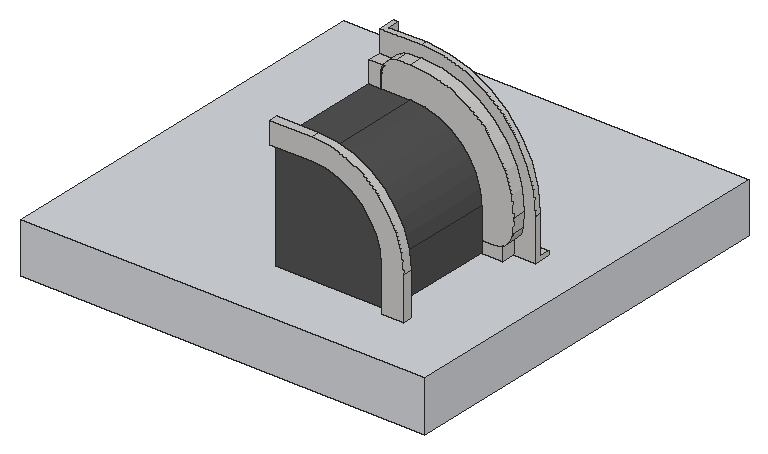
Revit family
Parameters
  Waste Connection = yes
  Vent Connection = no
  VP- Vinylclad Housing Color (Black or Gray or White) = yes
  URL = "http://www.acorneng.com"
  Type Comments = ""
  TT- Top Supply; Vent Thru-Fixture = no
  TS- Single-Fold Paper Towel Dispenser = no
  TO- Top Supply; Vent Off-Drain = no
  TM- C or Multi-Fold Paper Towel Dispenser = no
  ST- Single Temperature Valve = no
  SPX- 16 Gage Stainless Steel Housing = no
  SO-BAT- Sensor Operation (Battery) = no
  SO- Sensor Operated = no
  SC- Supply/Vent Cover (Specify Ceiling Height) = no
  PDM- Metering Liquid Soap Dispenser (Not available with -BT, -PCB, -SC, -TM, -TO, -TS, -TT) = no
  PCB- Pipe Column Brace (Pipe by others) = no
  PBE- Pushbutton Electronic Metering = no
  Model = "3563-2-F-DV-VP"
  Manufacturer = "Acorn Engineering"
  JH32- 32" Junior Rim Height = no
  JH30- 30" Junior Rim Height = no
  JH26- 26" Junior Rim Height (Standard) = no
  HW Connection = no
  HB- Hose Bibb, Specify; Left or Right = no
  H- Hand Operation = no
  F-Foot Operation = yes
  EG-Enviro-Glaze Color Specify = no
  Designed By = "ATS BIM TEAM"
  Description = "Corner Models- 2 or 3 Stations"
  Default Elevation = 34"
  DV- Liquid/ Lotion Soap Dispenser = yes
  DP- Metering Powder Soap Dispenser = no
  CW Connection = no
  CS- Compact Sprayhead- 9" Diameter x 4" High ( Not available with -DP or -DV) = no
  BT- Bottom Supply; Vent Thru-Fixture = no
  BO-Bottom Supply; Vent Off Drain = no
  Assembly Code = ""
  3563- On-Floor, Corner, Three Station = no
  3562-On-Floor, Corner, Two Station = no
  3- On Floor, Floor Outlet = no
  2- On Floor, Wall Outlet = yes
Reference planes (in)
  plane 1 "Center (Front/Back)": y = 0
  plane 2: z = 0
  plane 3 "Center (Left/Right)": x = 0
  plane 4: y = -34
  plane 5: y = -4.5
  plane 6: y = 10
  plane 7: y = -12.25
  plane 8: z = 14.25
  plane 9: x = 14.25
Forms (in)
  Extrusion 1, solid
    sketch origin (0, 0, 0) x (1, 0, 0) y (0, 1, 0)
      loop
        line (-48, 48) -> (-48, -48) -> (48, -48) -> (48, 48) -> (-48, 48)
    from 0 to -12
  Extrusion 2, solid, material "Stainless Steel"
    sketch origin (-58.04546, -1.3125, -60.68826) x (1, 0, 0) y (0, 0, -1)
      loop
        line (59.04546, -97.68826) -> (68.04546, -97.68826)
        arc (68.04546, -97.68826) -> (87.13734, -89.78014) -> (95.04546, -70.68826) r 27
        line (95.04546, -70.68826) -> (95.04546, -61.68826) -> (59.04546, -61.68826) -> (59.04546, -97.68826)
    from 0 to 1.3125
  Extrusion 3, solid, material "Stainless Steel"
    sketch origin (-58.04546, -4.5, -60.68826) x (1, 0, 0) y (0, 0, -1)
      loop
        arc (60.79546, -90.3326) -> (61.86833, -93.21187) -> (64.56372, -94.68701) r 4.4
        arc (64.56372, -94.68701) -> (66.30006, -94.87537) -> (68.04546, -94.93826) r 24.25
        arc (68.04546, -94.93826) -> (85.1928, -87.8356) -> (92.29546, -70.68826) r 24.25
        arc (92.29546, -70.68826) -> (92.23257, -68.94287) -> (92.04421, -67.20652) r 24.25
        arc (92.04421, -67.20652) -> (90.56906, -64.51113) -> (87.6898, -63.43826) r 4.4
        line (87.6898, -63.43826) -> (60.79546, -63.43826) -> (60.79546, -90.3326)
    from 0 to 3.1875
  Extrusion 4, solid, material "Stainless Steel"
    sketch origin (-58.04546, -1.3125, -60.68826) x (1, 0, 0) y (0, 0, -1)
      loop
        line (59.04546, -97.68826) -> (59.04546, -61.68826) -> (95.04546, -61.68826) -> (95.04546, -60.68826) -> (58.04546, -60.68826) -> (58.04546, -97.68826) -> (59.04546, -97.68826)
    from 0 to 4
  Extrusion 5, solid, material "Black"
    sketch origin (-58.04546, -32.23438, -60.68826) x (1, 0, 0) y (0, 0, -1)
      loop
        line (58.04546, -60.68826) -> (58.04546, -87.31326) -> (68.04546, -87.31326)
        arc (68.04546, -87.31326) -> (79.80111, -82.44391) -> (84.67046, -70.68826) r 16.625
        line (84.67046, -70.68826) -> (84.67046, -60.68826) -> (58.04546, -60.68826)
    from 0 to 27.73438
  Extrusion 6, void
    sketch origin (-58.04546, -1.3125, -60.68826) x (1, 0, 0) y (0, 0, -1)
      loop
        line (60.92046, -63.5316) -> (60.92046, -90.37393)
        arc (60.92046, -90.37393) -> (61.20021, -91.74893) -> (61.99497, -92.90532) r 3.51904
        arc (61.99497, -92.90532) -> (62.86573, -93.62312) -> (63.83806, -94.19587) r 7.19151
        arc (63.83806, -94.19587) -> (64.4115, -94.41778) -> (65.01411, -94.54002) r 3.64058
        arc (65.01411, -94.54002) -> (68.52118, -94.68158) -> (72.00984, -94.29573) r 23.34427
        arc (72.00984, -94.29573) -> (74.7968, -93.59299) -> (77.47628, -92.55309) r 23.34427
        arc (77.47628, -92.55309) -> (83.41527, -88.71535) -> (88.04221, -83.36826) r 25.00107
        arc (88.04221, -83.36826) -> (90.29097, -78.96788) -> (91.63028, -74.21115) r 25.00107
        arc (91.63028, -74.21115) -> (91.97112, -70.33615) -> (91.63028, -66.46115) r 22.19785
        arc (91.63028, -66.46115) -> (90.28399, -64.35229) -> (87.92046, -63.5316) r 3.81373
        line (87.92046, -63.5316) -> (60.92046, -63.5316)
    from -3.0161 to 4
  Revolve 7, solid, material "Stainless Steel"
    sketch origin (-168.07815, 116.6701, 9.97585) x (1, 0, 0) y (0, 1, 0)
      loop
        line (178.05446, -106.72256) -> (178.05446, -121.73429) -> (180.57376, -121.73429) -> (180.57376, -113.1658) -> (180.5416, -113.1658)
        arc (180.5416, -113.1658) -> (180.63125, -112.65734) -> (180.97673, -112.27364) r 0.93657
        arc (180.97673, -112.27364) -> (181.02884, -112.22333) -> (181.05597, -112.15617) r 0.17419
        arc (181.05597, -112.15617) -> (181.15779, -112.03483) -> (181.31378, -112.06234) r 0.1584
        arc (181.31378, -112.06234) -> (181.36644, -112.09274) -> (181.42633, -112.1033) r 0.1751
        line (181.42633, -112.1033) -> (183.78393, -112.1033)
        arc (183.78393, -112.1033) -> (183.84379, -112.09275) -> (183.89642, -112.06236) r 0.175
        line (183.89642, -112.06236) -> (185.61695, -110.34183)
        arc (185.61695, -110.34183) -> (185.66306, -110.28173) -> (185.67946, -110.20777) r 0.175
        line (185.67946, -110.20777) -> (185.67946, -107.4158) -> (185.74671, -107.4158) -> (185.74671, -107.00898)
        arc (185.74671, -107.00898) -> (185.70001, -106.89623) -> (185.58725, -106.84953) r 0.15946
        line (185.58725, -106.84953) -> (185.01987, -106.83477)
        arc (185.01987, -106.83477) -> (184.98495, -106.82687) -> (184.9557, -106.8062) r 0.09173
        line (184.9557, -106.8062) -> (184.84937, -106.6701)
        arc (184.84937, -106.6701) -> (184.81742, -106.64376) -> (184.777, -106.6348) r 0.08868
        line (184.777, -106.6348) -> (181.76938, -106.6873)
        arc (181.76938, -106.6873) -> (181.72799, -106.6985) -> (181.69556, -106.72655) r 0.09637
        arc (181.69556, -106.72655) -> (181.67924, -106.74162) -> (181.65762, -106.74672) r 0.04375
        line (181.65762, -106.74672) -> (180.67373, -106.72256) -> (178.05446, -106.72256)
      axis (178.05446, -121.73429) -> (178.05446, -106.6348)
    angle from 0 to 360
  Extrusion 8, solid, material "Stainless Steel"
    sketch origin (-58.04546, -34, -60.68826) x (1, 0, 0) y (0, 0, -1)
      loop
        line (58.04546, -87.31326) -> (58.04546, -92.43826) -> (68.04546, -92.43826)
        arc (68.04546, -92.43826) -> (83.42503, -86.06783) -> (89.79546, -70.68826) r 21.75
        line (89.79546, -70.68826) -> (89.79546, -60.68826) -> (84.67046, -60.68826) -> (84.67046, -70.68826)
        arc (84.67046, -70.68826) -> (79.80111, -82.44391) -> (68.04546, -87.31326) r 16.625
        line (68.04546, -87.31326) -> (58.04546, -87.31326)
    from 0 to 2.125
  Revolve 9, solid, material "Stainless Steel"
    sketch origin (4.95454, -0.95313, -60.68826) x (0, 0, -1) y (0, 1, 0)
      loop
        line (-89.87576, -30.92188) -> (-89.87576, -30.20312) -> (-90.87576, -30.20312) -> (-90.87576, -30.45312) -> (-91.97884, -30.45312)
        arc (-91.97884, -30.45312) -> (-91.9689, -30.69665) -> (-91.87576, -30.92188) r 0.69734
        line (-91.87576, -30.92188) -> (-89.87576, -30.92188)
      axis (-89.87576, -30.92188) -> (-89.87576, -30.20312)
    angle from 0 to 360
  Revolve 10, solid, material "Stainless Steel"
    sketch origin (24.68809, -0.95313, -67.87068) x (0, 0, -1) y (0, 1, 0)
      loop
        line (-89.87576, -30.92188) -> (-89.87576, -30.20312) -> (-90.87576, -30.20312) -> (-90.87576, -30.45312) -> (-91.97884, -30.45312)
        arc (-91.97884, -30.45312) -> (-91.9689, -30.69665) -> (-91.87576, -30.92188) r 0.69734
        line (-91.87576, -30.92188) -> (-89.87576, -30.92188)
      axis (-89.87576, -30.92188) -> (-89.87576, -30.20312)
    angle from 0 to 360
  Revolve 11, solid, material "Stainless Steel"
    sketch origin (29.22624, -0.95312, -85.49031) x (0, 0, -1) y (0, 1, 0)
      loop
        line (-89.87576, -30.92188) -> (-89.87576, -30.20312) -> (-90.87576, -30.20312) -> (-90.87576, -30.45312) -> (-91.97884, -30.45312)
        arc (-91.97884, -30.45312) -> (-91.9689, -30.69665) -> (-91.87576, -30.92188) r 0.69734
        line (-91.87576, -30.92188) -> (-89.87576, -30.92188)
      axis (-89.87576, -30.92188) -> (-89.87576, -30.20312)
    angle from 0 to 360
  Extrusion 12, solid, material "Stainless Steel"
    sketch origin (0, 0, 0) x (1, 0, 0) y (0, 0, 1)
      loop
        arc (31.75, 3.28656) -> (30.73081, 2.88625) -> (29.64434, 2.75) r 4.4
        line (29.64434, 2.75) -> (2.75, 2.75) -> (2.75, 29.54546)
        arc (2.75, 29.54546) -> (2.88607, 30.67991) -> (3.28656, 31.75) r 4.79713
        line (3.28656, 31.75) -> (0, 31.75) -> (0, 0) -> (31.75, 0) -> (31.75, 3.28656)
    from 0 to 4.5
  Extrusion 13, solid
    sketch origin (0, 0, 0) x (1, 0, 0) y (0, 0, 1)
      loop
        circle (14.25, 14.25) r 0.75
    from 4.5 to 12.25
  Extrusion 14, solid
    sketch origin (0, 8.90922, 35.70078) x (1, 0, 0) y (0, -0.707107, -0.707107)
      loop
        circle (9.97631, 15.81781) r 0.5
    from 10.09307 to 11.09307
  Extrusion 15, solid
    sketch origin (21.0265, 8.90922, 35.23047) x (0.707107, 0, -0.707107) y (-0.5, -0.707107, -0.5)
      loop
        circle (9.97631, 15.81781) r 0.5
    from 10.09307 to 11.09307
  Extrusion 16, solid
    sketch origin (35.56191, 8.90922, 20.02992) x (0, 0, -1) y (-0.707107, -0.707107, 0)
      loop
        circle (9.97631, 15.81781) r 0.5
    from 10.09307 to 11.09307
Cuts and joins
  Extrusion 6 cuts Extrusion 2
  Extrusion 6 cuts Extrusion 3
  Extrusion 6 cuts Extrusion 4
  joined: Extrusion 2, Extrusion 3, Extrusion 4, Revolve 7
  Extrusion 6 cuts Extrusion 5
Dimensions and locks (in)
  plane 4 to plane 1 "Center (Front/Back)" = 34"
  plane 5 to plane 4 = 29 1/2"  (x3)
  plane 6 to plane 4 = 44"  (x2)
  cut or joined group of Extrusion 2, Extrusion 3, Extrusion 4, Extrusion 6, Revolve 7 to plane 3 "Center (Left/Right)" = 37"
  plane 1 "Center (Front/Back)" to plane 4 = 34"
  locked: plane 4 to plane 7 at 21.75
  locked: level to plane 8 at 14.25
  locked: plane 9 to plane 3 "Center (Left/Right)" at 14.25
  aligned and locked: plane 2 to Extrusion 1
  aligned and locked: level to Extrusion 1
  aligned and locked: Extrusion 13 to plane 7
  aligned and locked: Extrusion 13 to cut or joined group of Extrusion 2, Extrusion 3, Extrusion 4, Extrusion 6, Revolve 7
  aligned and locked: Extrusion 12 to level
Nested families (in)
  nested 1: "-DV Lotion Soap Dispenser" at (11.6012, 4.5668, 14.5852) x (0.9999, 0, -0.0154) z (0, -1, 0), type "-DV Lotion Soap Dispenser"
  nested 2: "-DV Lotion Soap Dispenser" at (14.4981, 4.5668, 8.31235) x (-0.0154, 0, -0.9999) z (0, -1, 0), type "-DV Lotion Soap Dispenser"
Connectors (in)
  piping at (14.25, -12.25, 14.25)
    settings: on Extrusion 13, index 1
Definition of nested family "-DV Lotion Soap Dispenser"
  Parameters (values of type "-DV Lotion Soap Dispenser")
    Default Elevation = 48"
    Assembly Code = ""
  Reference planes (in)
    plane 1 "Center (Front/Back)": y = 0
    plane 2: z = 0
    plane 3 "Center (Left/Right)": x = 0
  Forms (in)
    Extrusion 1, solid
      sketch origin (0, 0, 0) x (1, 0, 0) y (0, 1, 0)
        loop
          line (-48, 48) -> (-48, -48) -> (48, -48) -> (48, 48) -> (-48, 48)
      from 0 to -12
    Revolve 2, solid, material "Default"
      sketch origin (0, 0, 0) x (1, 0, 0) y (0, 0, 1)
        loop
          line (0.375, 2.7) -> (0, 2.7) -> (0, 0) -> (0.75, 0) -> (0.75, 0.49094) -> (0.375, 0.86594) -> (0.375, 2.14) -> (0.1875, 2.14) -> (0.1875, 2.45) -> (0.375, 2.45) -> (0.375, 2.7)
        axis (0, 2.7) -> (0, 0)
      angle from 0 to 360
  Lines and regions (in)
    model lines
      curve 1: line (0.75, 0, 0) -> (0.75, 0, 0.49094)
      curve 2: line (0.75, 0, 0.49094) -> (0.375, 0, 0.86594)
      curve 3: line (0.375, 0, 0.86594) -> (0.375, 0, 2.14)
      curve 4: line (0.375, 0, 2.14) -> (0.1875, 0, 2.14)
      curve 5: line (0.1875, 0, 2.14) -> (0.1875, 0, 2.45)
      curve 6: line (0.1875, 0, 2.45) -> (0.375, 0, 2.45)
      curve 7: line (0.375, 0, 2.45) -> (0.375, 0, 2.7)
      curve 8: line (0.375, 0, 2.7) -> (0, 0, 2.7)
      curve 9: line (0, 0, 2.7) -> (0, 0, 0)
      curve 10: line (0, 0, 0) -> (0.75, 0, 0)
  Dimensions and locks (in)
    curve 1 to plane 3 "Center (Left/Right)" = 3/4"
    curve 7 to plane 3 "Center (Left/Right)" = 3/8"
    curve 5 to plane 3 "Center (Left/Right)" = 3/16"
    locked: curve 6 to curve 8 at 0.25
    locked: curve 4 to curve 6 at 0.31
    Extrusion 1 to curve 8 = 2.7"
    Extrusion 1 to curve 2 = 0.49094"
    locked: Extrusion 1 to curve 2 (angle 45.00°)
    aligned and locked: plane 2 to Extrusion 1
    aligned and locked: level to Extrusion 1
    aligned and locked: curve 3 to curve 7
    aligned and locked: Revolve 2 sketch curve to curve 6
